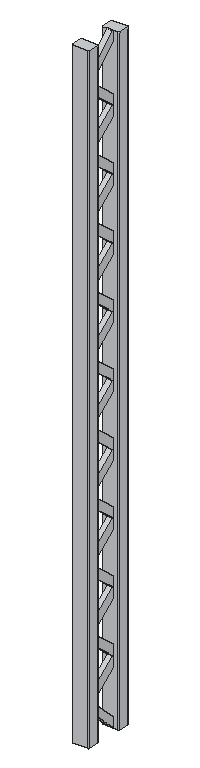
Revit family "GT24Grider3000", category Generic Models, Revit 2019
Family settings
  Can host rebar = No
  Round Connector Dimension = Use Diameter
  Part Type = Normal
  Work Plane-Based = No
  Always vertical = Yes
  Cut with Voids When Loaded = No
  Shared = No
  Room Calculation Point = No
Reference planes
  plane 1 "Center (Front/Back)": y = 0
  plane 2: z = 0
  plane 3 "Center (Left/Right)": x = 0
Forms (mm)
  Extrusion 1, solid
    sketch origin (-40, 60, 0) x (1, 0, 0) y (0, 1, 0)
      loop
        line (5, 0) -> (75, 0)
        arc (75, 0) -> (78.536, 1.464) -> (80, 5) r 5
        line (80, 5) -> (80, 55)
        arc (80, 55) -> (78.536, 58.536) -> (75, 60) r 5
        line (75, 60) -> (5, 60)
        arc (5, 60) -> (1.464, 58.536) -> (0, 55) r 5
        line (0, 55) -> (0, 5)
        arc (0, 5) -> (1.464, 1.464) -> (5, 0) r 5
    from 0 to 3000
  Extrusion 2, solid
    sketch origin (-40, -60, 0) x (1, 0, 0) y (0, 1, 0)
      loop
        arc (5, 0) -> (1.464, -1.464) -> (0, -5) r 5
        line (0, -5) -> (0, -55)
        arc (0, -55) -> (1.464, -58.536) -> (5, -60) r 5
        line (5, -60) -> (75, -60)
        arc (75, -60) -> (78.536, -58.536) -> (80, -55) r 5
        line (80, -55) -> (80, -5)
        arc (80, -5) -> (78.536, -1.464) -> (75, 0) r 5
        line (75, 0) -> (5, 0)
    from 0 to 3000
  Extrusion 3, solid
    sketch origin (0, 0, 0) x (0, 1, 0) y (0, 0, 1)
      loop
        line (60, 261) -> (60, 311) -> (-60, 213) -> (-60, 163) -> (60, 261)
    from -14 to 14
  Extrusion 4, solid
    sketch origin (0, 0, 622) x (0, 1, 0) y (0, 0, 1)
      loop
        line (60, -261) -> (-60, -163) -> (-60, -213) -> (60, -311) -> (60, -261)
    from -14 to 14
  Extrusion 5, solid
    sketch origin (0, 0, 296) x (0, 1, 0) y (0, 0, 1)
      loop
        line (60, 261) -> (60, 311) -> (-60, 213) -> (-60, 163) -> (60, 261)
    from -14 to 14
  Extrusion 6, solid
    sketch origin (0, 0, 592) x (0, 1, 0) y (0, 0, 1)
      loop
        line (60, 261) -> (60, 311) -> (-60, 213) -> (-60, 163) -> (60, 261)
    from -14 to 14
  Extrusion 7, solid
    sketch origin (0, 0, 888) x (0, 1, 0) y (0, 0, 1)
      loop
        line (60, 261) -> (60, 311) -> (-60, 213) -> (-60, 163) -> (60, 261)
    from -14 to 14
  Extrusion 8, solid
    sketch origin (0, 0, 1184) x (0, 1, 0) y (0, 0, 1)
      loop
        line (60, 261) -> (60, 311) -> (-60, 213) -> (-60, 163) -> (60, 261)
    from -14 to 14
  Extrusion 9, solid
    sketch origin (0, 0, 1480) x (0, 1, 0) y (0, 0, 1)
      loop
        line (60, 261) -> (60, 311) -> (-60, 213) -> (-60, 163) -> (60, 261)
    from -14 to 14
  Extrusion 10, solid
    sketch origin (0, 0, 1776) x (0, 1, 0) y (0, 0, 1)
      loop
        line (60, 261) -> (60, 311) -> (-60, 213) -> (-60, 163) -> (60, 261)
    from -14 to 14
  Extrusion 11, solid
    sketch origin (0, 0, 2672) x (0, 1, 0) y (0, 0, 1)
      loop
        line (60, 278) -> (60, 328) -> (-60, 213) -> (-60, 163) -> (60, 278)
    from -14 to 14
  Extrusion 12, solid
    sketch origin (0, 0, 918) x (0, 1, 0) y (0, 0, 1)
      loop
        line (60, -261) -> (-60, -163) -> (-60, -213) -> (60, -311) -> (60, -261)
    from -14 to 14
  Extrusion 13, solid
    sketch origin (0, 0, 1214) x (0, 1, 0) y (0, 0, 1)
      loop
        line (60, -261) -> (-60, -163) -> (-60, -213) -> (60, -311) -> (60, -261)
    from -14 to 14
  Extrusion 14, solid
    sketch origin (0, 0, 1510) x (0, 1, 0) y (0, 0, 1)
      loop
        line (60, -261) -> (-60, -163) -> (-60, -213) -> (60, -311) -> (60, -261)
    from -14 to 14
  Extrusion 15, solid
    sketch origin (0, 0, 1806) x (0, 1, 0) y (0, 0, 1)
      loop
        line (60, -261) -> (-60, -163) -> (-60, -213) -> (60, -311) -> (60, -261)
    from -14 to 14
  Extrusion 16, solid
    sketch origin (0, 0, 2102) x (0, 1, 0) y (0, 0, 1)
      loop
        line (60, -261) -> (-60, -163) -> (-60, -213) -> (60, -311) -> (60, -261)
    from -14 to 14
  Extrusion 17, solid
    sketch origin (0, 0, 2398) x (0, 1, 0) y (0, 0, 1)
      loop
        line (60, -261) -> (-60, -163) -> (-60, -213) -> (60, -311) -> (60, -261)
    from -14 to 14
  Extrusion 18, solid
    sketch origin (0, 0, 326) x (0, 1, 0) y (0, 0, 1)
      loop
        line (60, -326) -> (60, -276) -> (-60, -163) -> (-60, -213) -> (60, -326)
    from -14 to 14
  Extrusion 19, solid
    sketch origin (0, 0, 2072) x (0, 1, 0) y (0, 0, 1)
      loop
        line (60, 261) -> (60, 311) -> (-60, 213) -> (-60, 163) -> (60, 261)
    from -14 to 14
  Extrusion 20, solid
    sketch origin (0, 0, 2694) x (0, 1, 0) y (0, 0, 1)
      loop
        line (60, -261) -> (-60, -163) -> (-60, -213) -> (60, -311) -> (60, -261)
    from -14 to 14
  Extrusion 21, solid
    sketch origin (0, 0, 2368) x (0, 1, 0) y (0, 0, 1)
      loop
        line (60, 261) -> (60, 311) -> (-60, 213) -> (-60, 163) -> (60, 261)
    from -14 to 14
  Extrusion 22, solid
    sketch origin (0, 0, 2990) x (0, 1, 0) y (0, 0, 1)
      loop
        line (60, -261) -> (-60, -163) -> (-60, -213) -> (60, -311) -> (60, -261)
    from -14 to 14
Dimensions and locks
  Extrusion 1 to Extrusion 2 = 240 mm
  aligned and locked: level to plane 2
